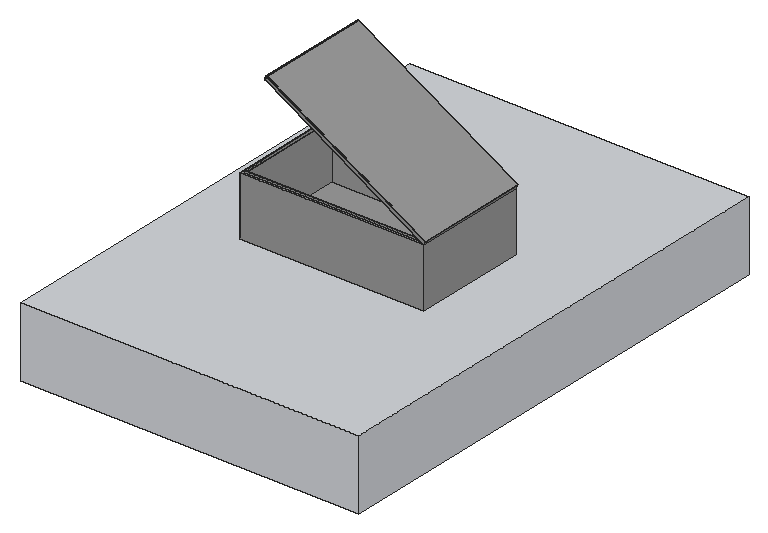
Revit family "Hager-Univers-IP55-D275-H500-Cl.I-Steel_encl-SE-en", category Equipement électrique, Revit 2020
Family settings
  Hôte = Face
  Configuration du panneau = Deux colonnes, circuits au sein
  Cote de connecteur circulaire = Utiliser le diamètre
  Type d'élément = Tableau de raccordement
  Couper avec des vides une fois chargée = Non
  Partagée = Non
  Point de calcul de pièce = Non
Parameters (values of type "Surface mounted (plaster) IP55 W800 H500 D275  - FR33E")
  Width Control [instance] = if([EF000008 - Width] > Min Width, [EF000008 - Width], Min Width)  # 800 mm
  Commentaires du type = [HG000003 - Range]  # "Univers"
  Thickness Door [instance] = if([EF009171 - Material plate thickness door/cover] > 3 mm, 3 mm, [EF009171 - Material plate thickness door/cover])  # 1.5 mm
  Seal Frame Offset [instance] = 17 mm  # constant formula
  Plinth Visibility [instance] = [HG000027 - Plinth height] > 0 mm  # no
  Model = ""
  Min Width [instance] = 100 mm  # constant formula
  Min Height [instance] = 100 mm  # constant formula
  Min Depth [instance] = (2 * [EF009170 - Material plate thickness cabinet]) + 1 mm  # 4 mm
  Internal Frame Depth [instance] = (Door System Depth * 0.5)  # 9 mm
  Height Control [instance] = if([EF000040 - Height] > Min Height, [EF000040 - Height], Min Height)  # 500 mm
  HG000027 - Plinth height = 0 mm
  HG000026 - Floor standing = no
  HG000024 - Bottom section height = 800 mm
  HG000023 - Double section enclosure = no
  HG000016 - Door 3d visibility [instance] = yes
  HG000015 - Clearance visibility [instance] = no
  HG000014 - Door on the right [instance] = yes
  HG000013 - Door on the left [instance] = not([HG000014 - Door on the right])  # no
  HG000012 - Door swing angle [instance] = 30.00°
  HG000010 - Asymmetric doors = no
  HG000009 - Double swing door = no
  HG000006 - Flush mounted = no
  HG000004 - Manufacturer reference = "FR33E"
  HG000003 - Range = "Univers"
  HG000002 - With door or cover = yes
  Frame Offset Bottom [instance] = 10 mm  # constant formula
  Frame Offset [instance] = 15 mm  # constant formula
  EF015940 - Cover with overpressure release = no
  EF011959 - Degree of protection (NEMA) = ""
  EF009554 - Number of openings for flange plates = 6
  EF009212 - Cover model = "EV000116 - Closed"
  EF009171 - Material plate thickness door/cover = 1.5 mm
  EF009170 - Material plate thickness cabinet = 1.5 mm
  Fabricant = "Hager"  # constant formula
  EF008873 - Nominal current (In) = 800 A
  EF007800 - Suitable for lightning protection = no
  EF006306 - With lock = no
  EF006244 - Transparent cover/door = no
  EF005474 - Degree of protection (IP) = "EV006420 - IP55"
  EF004464 - Type of door = "EV002646 - Single"
  EF004427 - Number of modules = 108
  EF004293 - Impact strength = "EV008784 - IK10"
  EF003532 - Suitable for outdoor use = no
  EF002950 - Width in number of modular spacings = 24
  EF001613 - Circuit integrity = "EV000494 - None"
  EF001596 - Material housing = "EV000179 - Steel"
  EF001131 - Internal depth = 275 mm
  EF001088 - Extension possible = yes
  EF000437 - Number of conduit inlets = 6
  EF000339 - Type of cover = "EV004216 - Door"
  EF000266 - Number of rows = 3
  EF000218 - Built-in depth = 0 mm
  EF000118 - With mounting plate = no
  EF000116 - RAL-number = "7035"
  EF000049 - Depth = 275 mm
  EF000040 - Height = 500 mm
  EF000008 - Width = 800 mm
  EF000007 - Colour = "EV000270 - Grey"
  EF000003 - Mounting method = "EV000384 - Surface mounted (plaster)"
  Door System Leaf Tolerance [instance] = 1.5 mm  # constant formula
  Door System Depth [instance] = 18 mm  # constant formula
  Door Height [instance] = Height Control - [HG000027 - Plinth height]  # 500 mm
  Depth Control [instance] = if([EF000049 - Depth] > Min Depth, [EF000049 - Depth], Min Depth)  # 275 mm
  Default Elevation = 0 mm
  Connector Offset [instance] = Height Control / 2  # 250 mm
  Bottom Top Plate Trim [instance] = 1.5 mm  # constant formula
  Plinth height Ctrl [instance] = if([HG000027 - Plinth height] > 0 mm, [HG000027 - Plinth height], 12 mm)  # 12 mm
Types (5, lengths in mm): name | Width Control | HG000010 - Asymmetric doors | HG000009 - Double swing door | HG000004 - Manufacturer reference | EF009554 - Number of openings for flange plates | EF004464 - Type of door | EF004427 - Number of modules | EF000437 - Number of conduit inlets | EF000008 - Width
  Surface mounted (plaster) IP55 W1050 H500 D275  - FR34E | 1050 | no | yes | "FR34E" | 8 | "EV003602 - Double" | 144 | 8 | 1050
  Surface mounted (plaster) IP55 W1300 H500 D275  - FR35E | 1300 | yes | yes | "FR35E" | 10 | "EV003602 - Double" | 180 | 10 | 1300
  Surface mounted (plaster) IP55 W300 H500 D275  - FR31E | 300 | no | no | "FR31E" | 2 | "EV002646 - Single" | 36 | 2 | 300
  Surface mounted (plaster) IP55 W550 H500 D275  - FR32E | 550 | no | no | "FR32E" | 4 | "EV002646 - Single" | 72 | 4 | 550
  Surface mounted (plaster) IP55 W800 H500 D275  - FR33E | 800 | no | no | "FR33E" | 6 | "EV002646 - Single" | 108 | 6 | 800
Reference planes
  plane 1 "Center (Front/Back)": y = 0
  plane 2: z = 0
  plane 3 "Center (Left/Right)": x = 0
  plane 4: z = 275
  plane 5: y = 1.5
  plane 6: y = 250
  plane 7: y = 0
  plane 8: y = 500
  plane 9: z = 0
  plane 10: x = -385
  plane 11: x = 385
  plane 12: x = 383.5
  plane 13: x = -383.5
  plane 14: y = 498.5
  plane 15: x = -383
  plane 16: x = -400
  plane 17: x = 383
  plane 18: x = 400
  plane 19: x = 398.5
  plane 20: x = -398.5
  plane 21: y = 11.5
  plane 22: y = 500
  plane 23: y = 483.5
  plane 24: z = 257
  plane 25: z = 1.5
  plane 26: z = 255.5
  plane 27: z = 273.5
Forms (mm)
  Extrusion 1, solid
    sketch origin (0, 0, 0) x (1, 0, 0) y (0, 1, 0)
      loop
        line (-702.964, 1305) -> (-702.964, -811.445) -> (766.763, -811.445) -> (766.763, 1305) -> (-702.964, 1305)
    from 0 to -304.8
  Extrusion 2, solid, material "Hager_Steel_RAL7035_Light_Grey", visible <- "Plinth Visibility", detail levels medium+fine
    sketch origin (0, 0, 0) x (1, 0, 0) y (0, 1, 0)
      loop
        line (-400, 0) -> (400, 0) -> (400, 12) -> (-400, 12) -> (-400, 0)
    from 0 to 257
  Extrusion 3, solid, material "Hager_Steel_RAL7035_Light_Grey", detail levels medium+fine
    sketch origin (0, 0, 0) x (1, 0, 0) y (0, 1, 0)
      loop
        line (-400, 0) -> (400, 0) -> (400, 500) -> (-400, 500) -> (-400, 0)
    from 0 to 257
  Extrusion 4, void
    sketch origin (0, 0, 0) x (1, 0, 0) y (0, 1, 0)
      loop
        line (-398.5, 1.5) -> (398.5, 1.5) -> (398.5, 498.5) -> (-398.5, 498.5) -> (-398.5, 1.5)
    from 1.5 to 255.5
  Extrusion 5, void
    sketch origin (-381.607, -4572, 257) x (0, -1, 0) y (-1, 0, 0)
      loop
        line (-4583.5, 1.893) -> (-5055.5, 1.893) -> (-5055.5, -765.107) -> (-4583.5, -765.107) -> (-4583.5, 1.893)
    from 0 to 1.5 <- "EF009170 - Material plate thickness cabinet"
  Extrusion 6, solid, material "Hager_Steel_RAL7035_Light_Grey", detail levels fine
    sketch origin (0, 0, 257) x (1, 0, 0) y (0, 1, 0)
      loop
        line (-383.5, 483.5) -> (-383.5, 11.5) -> (383.5, 11.5) -> (383.5, 483.5) -> (-383.5, 483.5)
      loop
        line (-385, 10) -> (385, 10) -> (385, 485) -> (-385, 485) -> (-385, 10)
    from 0 to 9 <- "Internal Frame Depth"
  Extrusion 7, solid, material "Hager_Steel_RAL7035_Light_Grey", detail levels coarse
    sketch origin (0, 0, 0) x (1, 0, 0) y (0, 1, 0)
      loop
        line (-400, 0) -> (400, 0) -> (400, 500) -> (-400, 500) -> (-400, 0)
    from 0 to 275
  Sweep 8, void
    path in 3D
      loop
        line (-400, 12, 0) -> (400, 12, 0) -> (400, 12, 257) -> (-400, 12, 257) -> (-400, 12, 0)
    profile origin (-400, 12, 128.5) x (-1, 0, 0) y (0, -1, 0)
      loop
        line (0, 0) -> (0, 1.5) -> (-1.5, 1.5)
        arc (-1.5, 1.5) -> (-1.061, 0.439) -> (0, 0) r 1.5
Cuts and joins
  Extrusion 4, Extrusion 5 cuts Extrusion 3
  Sweep 8 cuts Extrusion 2
Lines and regions (mm)
  Masking region 1
    outline origin (0, 0, 0) x (1, 0, 0) y (0, 0, 1)
      loop
        line (-400, 275) -> (-400, 0) -> (400, 0) -> (400, 275) -> (-400, 275)
  Masking region 2, detail levels medium+fine
    outline origin (0, 140, 0) x (0, 1, 0) y (0, 0, 1)
      loop
        line (-140, 0) -> (360, 0) -> (360, 257) -> (-140, 257) -> (-140, 0)
  Masking region 3, not visible, detail levels medium+fine
    outline origin (0, 297.922, 0) x (0, 1, 0) y (0, 0, 1)
      loop
        line (-36.422, 0) -> (3.578, 0) -> (3.578, 263.5)
        arc (3.578, 263.5) -> (0.649, 270.571) -> (-6.422, 273.5) r 10
        line (-6.422, 273.5) -> (-36.422, 273.5) -> (-36.422, 0)
  Masking region 4, detail levels coarse
    outline origin (0, 0, 180) x (0, 1, 0) y (0, 0, 1)
      loop
        line (0, -180) -> (500, -180) -> (500, 95) -> (0, 95) -> (0, -180)
  Masking region 5, visible <- "Plinth Visibility", detail levels medium+fine
    outline origin (0, 52.24, 12.345) x (0, 0, -1) y (0, 1, 0)
      loop
        line (10.845, -40.24) -> (-243.155, -40.24)
        arc (-243.155, -40.24) -> (-243.594, -41.301) -> (-244.655, -41.74) r 1.5
        line (-244.655, -41.74) -> (-244.655, -52.24) -> (12.345, -52.24) -> (12.345, -41.74)
        arc (12.345, -41.74) -> (11.285, -41.301) -> (10.845, -40.24) r 1.5
  Masking region 6, detail levels medium+fine
    outline origin (-381.607, -4572, 257) x (-1, 0, 0) y (0, -1, 0)
      loop
        line (18.393, -5072) -> (18.393, -4572) -> (-781.607, -4572) -> (-781.607, -5072) -> (18.393, -5072)
  Masking region 7, visible <- "Plinth Visibility", detail levels medium+fine
    outline origin (-381.607, -4727, 257) x (-1, 0, 0) y (0, -1, 0)
      loop
        arc (16.893, -4739) -> (17.332, -4737.939) -> (18.393, -4737.5) r 1.5
        line (18.393, -4737.5) -> (18.393, -4727) -> (-781.607, -4727) -> (-781.607, -4737.5)
        arc (-781.607, -4737.5) -> (-780.546, -4737.939) -> (-780.107, -4739) r 1.5
        line (-780.107, -4739) -> (16.893, -4739)
  Masking region 8, detail levels coarse
    outline origin (-442.548, -4669.526, 257) x (-1, 0, 0) y (0, -1, 0)
      loop
        line (-42.548, -5169.526) -> (-42.548, -4669.526) -> (-842.548, -4669.526) -> (-842.548, -5169.526) -> (-42.548, -5169.526)
  sketch lines
    curve 1: line (-400, 12, 257) -> (-400, 12, 0)
    curve 2: line (400, 12, 257) -> (-400, 12, 257)
    curve 3: line (400, 12, 257) -> (400, 12, 0)
    curve 4: line (-400, 12, 0) -> (400, 12, 0)
Dimensions and locks
  "Depth Control": plane 4 to Extrusion 1
  "HG000027 - Plinth height": plane 1 "Center (Front/Back)" to plane 7
  "EF009170 - Material plate thickness cabinet": plane 5 to plane 7
  locked: connector elem to plane 3 "Center (Left/Right)"
  equal spacing: plane 8, plane 6, plane 7
  locked: connector elem to plane 6
  "EF009170 - Material plate thickness cabinet": plane 8 to plane 14
  "EF009170 - Material plate thickness cabinet": plane 10 to plane 13
  "EF009170 - Material plate thickness cabinet": plane 12 to plane 11
  "Frame Offset": plane 20 to plane 13
  "Frame Offset": plane 12 to plane 19
  "EF009170 - Material plate thickness cabinet": plane 16 to plane 20
  "EF009170 - Material plate thickness cabinet": plane 19 to plane 18
  "Seal Frame Offset": plane 16 to plane 15
  "Seal Frame Offset": plane 17 to plane 18
  "Frame Offset Bottom": plane 21 to plane 5
  "Frame Offset": plane 14 to plane 23
  equal spacing: plane 16, plane 3 "Center (Left/Right)", plane 18
  "Width Control": plane 16 to plane 18
  "EF009170 - Material plate thickness cabinet": plane 4 to plane 27
  "EF009170 - Material plate thickness cabinet": plane 24 to plane 26
  "EF009170 - Material plate thickness cabinet": plane 25 to level
  "Door System Depth": plane 4 to plane 24
  "Height Control": plane 1 "Center (Front/Back)" to Extrusion 7 sketch curve
  "Height Control": Masking region 4 sketch curve to plane 1 "Center (Front/Back)"
  "Height Control": plane 1 "Center (Front/Back)" to plane 22
  "Bottom Top Plate Trim": profile plane to Sweep 8 sketch curve
  "Bottom Top Plate Trim": Sweep 8 sketch curve to profile plane
  "Plinth height Ctrl": plane 1 "Center (Front/Back)" to Extrusion 2 sketch curve
  "Plinth height Ctrl": Masking region 5 sketch curve to plane 1 "Center (Front/Back)"
  "Plinth height Ctrl": plane 1 "Center (Front/Back)" to Masking region 7 sketch curve
  "Thickness Door": Extrusion 6 sketch curve to Extrusion 6 sketch curve  (x3)
  "Thickness Door": cut or joined group of Extrusion 3, Extrusion 4, Extrusion 5 to Extrusion 6 sketch curve
  radius of Masking region 3 sketch curve = 10 mm
  "Bottom Top Plate Trim": radius of Masking region 5 sketch curve  (x2)
  "Bottom Top Plate Trim": radius of Sweep 8 sketch curve
  "Bottom Top Plate Trim": radius of Masking region 7 sketch curve  (x2)
  aligned and locked: plane 2 to Extrusion 1
  aligned and locked: level to Extrusion 1
  aligned and locked: level to Masking region 1 sketch curve
  aligned and locked: Masking region 1 sketch curve to plane 18
  aligned and locked: Masking region 1 sketch curve to plane 16
  aligned and locked: plane 7 to Masking region 2 sketch curve
  aligned and locked: level to Masking region 3 sketch curve
  aligned and locked: Masking region 3 sketch curve to plane 27
  aligned and locked: level to Masking region 2 sketch curve
  aligned and locked: plane 1 "Center (Front/Back)" to Extrusion 2 sketch curve
  aligned and locked: Extrusion 3 sketch curve to plane 7
  aligned and locked: plane 16 to Extrusion 3 sketch curve
  aligned and locked: plane 18 to Extrusion 3 sketch curve
  aligned and locked: plane 20 to Extrusion 4 sketch curve
  aligned and locked: plane 19 to Extrusion 4 sketch curve
  aligned and locked: Extrusion 4 sketch curve to plane 5
  aligned and locked: Extrusion 4 to plane 25
  aligned and locked: plane 26 to Extrusion 4
  aligned and locked: plane 24 to Extrusion 3
  aligned and locked: Extrusion 5 sketch curve to plane 21
  aligned and locked: Extrusion 5 sketch curve to plane 13
  aligned and locked: Extrusion 5 sketch curve to plane 12
  aligned and locked: plane 18 to Extrusion 7 sketch curve
  aligned and locked: plane 1 "Center (Front/Back)" to Extrusion 7 sketch curve
  aligned and locked: plane 16 to Extrusion 7 sketch curve
  aligned and locked: plane 4 to Extrusion 7
  aligned and locked: Extrusion 7 to level
  aligned and locked: level to Masking region 4 sketch curve
  aligned and locked: Masking region 4 sketch curve to plane 1 "Center (Front/Back)"
  aligned and locked: Masking region 4 sketch curve to plane 4
  aligned and locked: nested 1 to level
  aligned and locked: nested 1 to plane 16
  aligned and locked: plane 8 to Extrusion 3 sketch curve
  aligned and locked: plane 23 to Extrusion 5 sketch curve
  aligned and locked: plane 14 to Extrusion 4 sketch curve
  aligned and locked: Masking region 2 sketch curve to plane 8
  aligned and locked: level to Masking region 5 sketch curve
  aligned and locked: plane 16 to Extrusion 2 sketch curve
  aligned and locked: plane 18 to Extrusion 2 sketch curve
  aligned and locked: Masking region 5 sketch curve to plane 24
  aligned and locked: Masking region 2 sketch curve to plane 24
  aligned and locked: plane 24 to Extrusion 2
  aligned and locked: profile plane to Sweep 8 sketch curve  (x2)
  aligned and locked: Masking region 6 sketch curve to plane 18
  aligned and locked: Masking region 6 sketch curve to plane 22
  aligned and locked: Masking region 6 sketch curve to plane 16
  aligned and locked: plane 8 to plane 22
  aligned and locked: Masking region 6 sketch curve to plane 7
  aligned and locked: Masking region 7 sketch curve to plane 16
  aligned and locked: Masking region 7 sketch curve to plane 1 "Center (Front/Back)"
  aligned and locked: Masking region 7 sketch curve to plane 18
  aligned and locked: Masking region 8 sketch curve to plane 1 "Center (Front/Back)"
  aligned and locked: Masking region 8 sketch curve to plane 18
  aligned and locked: Masking region 8 sketch curve to plane 22
  aligned and locked: Masking region 8 sketch curve to plane 16
  aligned and locked: nested 2 to plane 7
  aligned and locked: plane 3 "Center (Left/Right)" to nested 2
  aligned and locked: nested 2 to plane 24
  aligned and locked: Extrusion 6 sketch curve to cut or joined group of Extrusion 3, Extrusion 4, Extrusion 5  (x4)
Automatic sketch dimensions
  Extrusion 1 sketch curve to Extrusion 1 sketch curve = 1469.727 mm
  Extrusion 1 sketch curve to Extrusion 1 sketch curve = 2116.445 mm
  Masking region 1 sketch curve to plane 4 = 0 mm
  plane 6 to Masking region 3 sketch curve = 11.5 mm
  Masking region 3 sketch curve to Masking region 3 sketch curve = 30 mm
  Masking region 5 sketch curve to plane 1 "Center (Front/Back)" = 0 mm
Nested families
  nested 1: "Hager_Enclosure_Symbol" at (-400, 0, 0) x (1, 0, 0) z (0, -1, 0), Height <- "Depth Control", Width <- "Width Control", type "Hager_Enclosure_Symbol"
    with Width_Ctrl 800 mm, Width 800 mm, Height_Ctrl 275 mm, Height 275 mm, A_Width_Int 18.047 mm, A_Width 216.562 mm, A_Height_Ctrl 240.625 mm, A_Height 240.625 mm
  nested 2: "EC000058_Univers_Door" at (0, 0, 257) x (1, 0, 0) z (0, 1, 0), Leaf_Tolerance <- "Door System Leaf Tolerance", Angle <- "HG000012 - Door swing angle", Door_Depth <- "Door System Depth", Door_Left <- "HG000013 - Door on the left", Transparent <- "EF006244 - Transparent cover/door", Assymetrical <- "HG000010 - Asymmetric doors", Width <- "Width Control", Clearance <- "HG000015 - Clearance visibility", Double <- "HG000009 - Double swing door", 3d_Door <- "HG000016 - Door 3d visibility", Lock_Visibility <- "EF006306 - With lock", Width_Ctrl <- "Width Control", Door_Right <- "HG000014 - Door on the right", Door <- "HG000002 - With door or cover", Height <- "Door Height", Thickness <- "Thickness Door", type "EC000058_Univers_Door", detail levels medium+fine
    with min_wh 4 mm, Width_Ctrl 800 mm, Width 800 mm, Transparent no, Thickness 1.5 mm, Seal_Material Hager_Rubber, Lock_Visibility no, Lock_Material Hager_Plastic_RAL9005_Jet_Black, Leaf_Width 800 mm, Leaf_Tolerance_External_Sides 0 mm, Leaf_Tolerance 1.5 mm, Leaf_Offset 0 mm, Leaf_Height 497 mm, Leaf_2_Width 800 mm, Leaf_2_Offset 400 mm, Leaf_1_Width 800 mm, Leaf_1_Offset 400 mm, Height_Ctrl 500 mm, Height 500 mm, Glass_Material Hager_Glass, Double_Clearance_Ctrl no, Double no, Door_Right_Ctrl yes, Door_Right yes, Door_Material Hager_Steel_RAL7035_Light_Grey, Door_Left_Ctrl no, Door_Left no, Door_Depth 18 mm, Door yes, Clearance_Material Hager_Clearance, Clearance_Depth 800 mm, Clearance_Ctrl no, Clearance no, Assymetrical no, Angle 30.00°, 3d_Door yes
Connectors
  electrical at (0, 250, 0)
    settings: on plane 9, index 1, voltage 0 V, apparent load 0 VA, apparent load phase1 0 VA, apparent load phase2 0 VA, apparent load phase3 0 VA, power factor 1, load classification "Other", number of poles 1, system type 30, power factor state 1, is connector primary yes, connector utility no, sub classification motor no, connector description ""
Definition of nested family "EC000058_Univers_Door"
  Parameters (values of type "EC000058_Univers_Door")
    min_wh [instance] = (2 * Thickness) + 1 mm  # 11 mm
    Width_Ctrl [instance] = 400 mm
    Width [instance] = 500 mm
    Transparent [instance] = yes
    Thickness [instance] = 5 mm
    Seal_Material [instance] = none
    Lock_Visibility [instance] = yes
    Lock_Material [instance] = none
    Leaf_Width [instance] = if((Width_Ctrl - 2 * Leaf_Tolerance_External_Sides) > 0 mm, (Width_Ctrl - 2 * Leaf_Tolerance_External_Sides), min_wh)  # 400 mm
    Leaf_Tolerance_External_Sides [instance] = 0 mm  # constant formula
    Leaf_Tolerance [instance] = 1.5 mm
    Leaf_Offset [instance] = 0 mm  # constant formula
    Leaf_Height [instance] = if((Height_Ctrl - 2 * Leaf_Tolerance) > 0 mm, (Height_Ctrl - 2 * Leaf_Tolerance), min_wh)  # 497 mm
    Leaf_2_Width [instance] = if(and(and(Double, Assymetrical), Door_Left), (Leaf_Width / 3) - (Leaf_Tolerance / 2), if(and(and(Double, Assymetrical), Door_Right), (Leaf_Width / 3) * 2 - (Leaf_Tolerance / 2), if(and(Double, not(Assymetrical)), (Leaf_Width / 2) - Leaf_Tolerance, Leaf_Width)))  # 400 mm
    Leaf_2_Offset [instance] = if(and(Double, Assymetrical), Leaf_2_Width / 2, if(and(Double, not(Assymetrical)), Leaf_Width / 4, Leaf_Width / 2))  # 200 mm
    Leaf_1_Width [instance] = if(and(and(Double, Assymetrical), Door_Right), (Leaf_Width / 3) - (Leaf_Tolerance / 2), if(and(and(Double, Assymetrical), Door_Left), (Width / 3) * 2 - (Leaf_Tolerance / 2), if(and(Double, not(Assymetrical)), (Leaf_Width / 2) - Leaf_Tolerance, Leaf_Width)))  # 400 mm
    Leaf_1_Offset [instance] = if(and(Double, Assymetrical), Leaf_1_Width / 2, if(and(Double, not(Assymetrical)), Leaf_Width / 4, Leaf_Width / 2))  # 200 mm
    Height_Ctrl [instance] = if(Height > min_wh, Height, min_wh)  # 500 mm
    Height [instance] = 500 mm
    Glass_Material [instance] = none
    Double_Clearance_Ctrl [instance] = and(Double, Clearance)  # no
    Double [instance] = no
    Door_Right_Ctrl [instance] = and(or(Door_Right, Double), Door)  # yes
    Door_Right [instance] = yes
    Door_Material [instance] = none
    Door_Left_Ctrl [instance] = and(or(Door_Left, Double), Door)  # no
    Door_Left [instance] = no
    Door_Depth [instance] = 30 mm
    Door [instance] = yes
    Default Elevation = 1219.2 mm
    Clearance_Material [instance] = none
    Clearance_Depth [instance] = if(Leaf_1_Width > Leaf_2_Width, Leaf_1_Width, Leaf_2_Width)  # 400 mm
    Clearance_Ctrl [instance] = and(not(Double), Clearance)  # yes
    Clearance [instance] = yes
    Assymetrical [instance] = yes
    Angle [instance] = 30.00°
    3d_Door [instance] = yes
  Reference planes
    plane 1 "Center (Front/Back)": y = 0
    plane 2 "Bottom": z = 0
    plane 3 "Center (Left/Right)": x = 0
    plane 4: z = 500
    plane 5: x = -200
    plane 6: x = 200
    plane 7: z = 500
    plane 8: x = -200
    plane 9: z = 0
    plane 10: x = 200
    plane 11: y = 0
    plane 12: z = 1.5
    plane 13: x = -600
    plane 14: y = -400
    plane 15: x = 600
    plane 16: x = 0
    plane 17: x = 0
    plane 18: x = -200
    plane 19: x = 200
    plane 20: z = 498.5
  Forms (mm)
    Extrusion 1, solid, material <- "Clearance_Material", visible <- "Double_Clearance_Ctrl"
      sketch origin (1200, 0, 0) x (1, 0, 0) y (0, 0, -1)
        loop
          line (-1800, -498.5) -> (-600, -498.5) -> (-600, 0) -> (-1800, 0) -> (-1800, -498.5)
      from 0 to -400
  Dimensions and locks
    equal spacing: plane 5, plane 3 "Center (Left/Right)", plane 6
    "Width_Ctrl": plane 5 to plane 6
    "Leaf_Offset": plane 5 to plane 8
    "Leaf_Offset": plane 6 to plane 10
    "Leaf_Offset": plane 9 to level
    "Leaf_Offset": plane 4 to plane 7
    "Height_Ctrl": plane 4 to level
    "Leaf_Tolerance": plane 12 to plane 9
    locked: plane 11 to plane 1 "Center (Front/Back)"
    "Leaf_1_Offset": plane 18 to plane 16
    "Leaf_2_Offset": plane 17 to plane 19
    "Leaf_1_Width": plane 13 to plane 8
    "Leaf_2_Width": plane 10 to plane 15
    "Clearance_Depth": plane 14 to plane 1 "Center (Front/Back)"
    "Leaf_Tolerance_External_Sides": plane 8 to plane 18
    "Leaf_Tolerance_External_Sides": plane 19 to plane 10
    "Leaf_Tolerance": plane 7 to plane 20
    aligned and locked: level to plane 2 "Bottom"
    aligned and locked: nested 1 to plane 16
    aligned and locked: nested 2 to plane 17
    aligned and locked: Extrusion 1 to plane 13
    aligned and locked: plane 15 to Extrusion 1
    aligned and locked: Extrusion 1 to plane 14
    aligned and locked: plane 12 to nested 1
    aligned and locked: nested 2 to plane 12
    aligned and locked: Extrusion 1 to plane 11
    aligned and locked: plane 20 to Extrusion 1
    aligned and locked: nested 2 to plane 11
    aligned and locked: nested 1 to plane 11
  Automatic sketch dimensions
    Extrusion 1 sketch curve to level = 0 mm
    plane 5 to Extrusion 1 sketch curve = 400 mm
    plane 6 to Extrusion 1 sketch curve = 400 mm
    Extrusion 1 sketch curve to plane 4 = 1.5 mm
  Nested families
    nested 1: "EC000058_Univers_Door_Leaf" at (0, 0, 1.5), Width <- "Leaf_1_Width", visible <- "Door_Left_Ctrl", Leaf_Height <- "Leaf_Height", Angle <- "Angle", 3d_Door <- "3d_Door", Transparent <- "Transparent", Clearance Material <- "Clearance_Material", Clearance <- "Clearance_Ctrl", Door_Material <- "Door_Material", Glass_Material <- "Glass_Material", Door_Depth <- "Door_Depth", Lock_Material <- "Lock_Material", Seal_Material <- "Seal_Material", Lock_Visibility <- "Lock_Visibility", Thickness <- "Thickness", type "EC000058_Univers_Door_Leaf"
      with Width 400 mm, Transparent_Glass_Offset 30 mm, Transparent_Ctrl yes, Transparent yes, Thickness 5 mm, Standard no, Seal_Material none, Seal_D2 8 mm, Seal_D1 1 mm, Offset_Internal_Frame 10 mm, Lock_Width 20 mm, Lock_Visibility_3d yes, Lock_Visibility yes, Lock_Thickness_3 3 mm, Lock_Thickness_2 1 mm, Lock_Thickness_1 3 mm, Lock_Radius_Offset_2 16 mm, Lock_Radius_Offset_1 15 mm, Lock_Radius_2 5 mm, Lock_Radius 6 mm, Lock_Offset 5 mm, Lock_Material none, Lock_Height 80 mm, Lock_Cover_Top_Offset_2d 17 mm, Lock_Cover_Height -65 mm, Leaf_Height 497 mm, Internal_Seal_Thickness 8 mm, Internal_Seal_Depth_2 4.5 mm, Internal_Frame_Depth 25 mm, Glass_Thickness -1 mm, Glass_Offset -2 mm, Glass_Material none, Door_Material none, Door_Depth 30 mm, Clearance Material none, Clearance yes, Angle_Ctrl 30.00°, Angle 30.00°, 3d_Door yes
    nested 2: "EC000058_Univers_Door_Leaf" at (0, 0, 1.5) x (-1, 0, 0) z (0, 0, 1), Width <- "Leaf_2_Width", visible <- "Door_Right_Ctrl", Leaf_Height <- "Leaf_Height", Angle <- "Angle", 3d_Door <- "3d_Door", Transparent <- "Transparent", Clearance Material <- "Clearance_Material", Clearance <- "Clearance_Ctrl", Door_Material <- "Door_Material", Glass_Material <- "Glass_Material", Door_Depth <- "Door_Depth", Lock_Material <- "Lock_Material", Seal_Material <- "Seal_Material", Lock_Visibility <- "Lock_Visibility", Thickness <- "Thickness", type "EC000058_Univers_Door_Leaf"
      with Width 400 mm, Transparent_Glass_Offset 30 mm, Transparent_Ctrl yes, Transparent yes, Thickness 5 mm, Standard no, Seal_Material none, Seal_D2 8 mm, Seal_D1 1 mm, Offset_Internal_Frame 10 mm, Lock_Width 20 mm, Lock_Visibility_3d yes, Lock_Visibility yes, Lock_Thickness_3 3 mm, Lock_Thickness_2 1 mm, Lock_Thickness_1 3 mm, Lock_Radius_Offset_2 16 mm, Lock_Radius_Offset_1 15 mm, Lock_Radius_2 5 mm, Lock_Radius 6 mm, Lock_Offset 5 mm, Lock_Material none, Lock_Height 80 mm, Lock_Cover_Top_Offset_2d 17 mm, Lock_Cover_Height -65 mm, Leaf_Height 497 mm, Internal_Seal_Thickness 8 mm, Internal_Seal_Depth_2 4.5 mm, Internal_Frame_Depth 25 mm, Glass_Thickness -1 mm, Glass_Offset -2 mm, Glass_Material none, Door_Material none, Door_Depth 30 mm, Clearance Material none, Clearance yes, Angle_Ctrl 30.00°, Angle 30.00°, 3d_Door yes
  Definition of nested family "EC000058_Univers_Door_Leaf"
    Parameters (values of type "EC000058_Univers_Door_Leaf")
      Width [instance] = 2000 mm
      Transparent_Glass_Offset [instance] = 30 mm
      Transparent_Ctrl [instance] = and(Transparent, [3d_Door])  # yes
      Transparent [instance] = yes
      Thickness [instance] = 5 mm
      Standard [instance] = and(not(Transparent), [3d_Door])  # no
      Seal_Material [instance] = none
      Seal_D2 [instance] = 8 mm  # constant formula
      Seal_D1 [instance] = 1 mm  # constant formula
      Offset_Internal_Frame [instance] = 10 mm  # constant formula
      Lock_Width [instance] = 20 mm  # constant formula
      Lock_Visibility_3d [instance] = and(Lock_Visibility, [3d_Door])  # yes
      Lock_Visibility [instance] = yes
      Lock_Thickness_3 [instance] = 3 mm  # constant formula
      Lock_Thickness_2 [instance] = 1 mm  # constant formula
      Lock_Thickness_1 [instance] = 3 mm  # constant formula
      Lock_Radius_Offset_2 [instance] = Lock_Radius_Offset_1 + 1 mm  # 16 mm
      Lock_Radius_Offset_1 [instance] = 15 mm  # constant formula
      Lock_Radius_2 [instance] = Lock_Radius - 1 mm  # 5 mm
      Lock_Radius [instance] = 6 mm  # constant formula
      Lock_Offset [instance] = 5 mm  # constant formula
      Lock_Material [instance] = none
      Lock_Height [instance] = 80 mm  # constant formula
      Lock_Cover_Top_Offset_2d [instance] = Lock_Radius_Offset_2 + 1 mm  # 17 mm
      Lock_Cover_Height [instance] = -(Lock_Height - Lock_Radius_Offset_1)  # -65 mm
      Leaf_Height [instance] = 2720.336 mm
      Internal_Seal_Thickness [instance] = 8 mm  # constant formula
      Internal_Seal_Depth_2 [instance] = 4.5 mm  # constant formula
      Internal_Frame_Depth [instance] = if(Door_Depth - Thickness > 5 mm, Door_Depth - Thickness, 5 mm)  # 25 mm
      Glass_Thickness [instance] = if(Thickness > 15 mm, Glass_Offset + 10 mm, -1 mm)  # -1 mm
      Glass_Offset [instance] = if(Thickness > 15 mm, -(Thickness + 10 mm) / 2, -2 mm)  # -2 mm
      Glass_Material [instance] = none
      Door_Material [instance] = none
      Door_Depth [instance] = 30 mm
      Default Elevation = 0 mm
      Clearance Material [instance] = none
      Clearance [instance] = yes
      Angle_Ctrl [instance] = if(Angle > 180.00°, 180.00°, Angle)  # 90.00°
      Angle [instance] = 90.00°
      3d_Door [instance] = yes
    Reference planes
      plane 1 "Center (Front/Back)": y = 0
      plane 2: z = 0
      plane 3 "Center (Left/Right)": x = 0
      plane 4: y = 2000
      plane 5: x = -1000
      plane 6: x = 1000
      plane 7: x = -3000
      plane 8: z = 2720.336
      plane 9: z = 30
      plane 10: z = 2690.336
      plane 11: x = 970
      plane 12: x = -970
      plane 13: y = -3
      plane 14: z = 107.833
      plane 15: y = -5
      plane 16: y = -223.314
      plane 17: x = -1000
      plane 18: z = 1360.168
      plane 19: y = 30
    Forms (mm)
      Extrusion 1, solid, material <- "Clearance Material", visible <- "Clearance"
        sketch origin (0, 0, 0) x (1, 0, 0) y (0, 0, 1)
          loop
            line (-3000, 2720.336) -> (-3000, 0) -> (1000, 0) -> (1000, 2720.336) -> (-3000, 2720.336)
        from 0 to -2000
      Extrusion 2, solid, material <- "Door_Material", visible <- "Standard", detail levels medium+fine
        sketch origin (-1000, 0, 0) x (0, 1, 0) y (-1, 0, 0)
          loop
            line (0, 30) -> (0, 25) -> (2000, 25) -> (2000, 30) -> (0, 30)
        from 0 to 2720.336 <- "Leaf_Height"
      Extrusion 3, solid, material <- "Door_Material", visible <- "Transparent_Ctrl", detail levels medium+fine
        sketch origin (-1000, 0, 0) x (0, 1, 0) y (-1, 0, 0)
          loop
            line (0, 25) -> (2000, 25) -> (2000, 30) -> (0, 30) -> (0, 25)
        from 0 to 2720.336 <- "Leaf_Height"
      Extrusion 4, void
        sketch origin (-1025, 2000, 0) x (0, 1, 0) y (0, 0, -1)
          loop
            line (-30, -2690.336) -> (-30, -30) -> (-1970, -30) -> (-1970, -2690.336) -> (-30, -2690.336)
        from 0 to 5 <- "Thickness"
      Sweep 5, solid, material <- "Seal_Material", visible <- "Transparent_Ctrl", detail levels fine
        path in 3D
          loop
            line (-1025, 30, 30) -> (-1025, 30, 2690.336) -> (-1025, 1970, 2690.336) -> (-1025, 1970, 30) -> (-1025, 30, 30)
        profile origin (-1025, 1000, 30) x (1, 0, 0) y (0, 0, 1)
          loop
            line (0, 0) -> (0, -8) -> (1, -8) -> (1, 0) -> (0, 0)
      Extrusion 6, solid, material <- "Glass_Material", visible <- "Transparent_Ctrl", detail levels medium+fine
        sketch origin (-1030, 0, 0) x (0, 1, 0) y (0, 0, -1)
          loop
            line (1970, -2690.336) -> (1970, -30) -> (30, -30) -> (30, -2690.336) -> (1970, -2690.336)
        from -2 <- "Glass_Offset" to -1 <- "Glass_Thickness"
      Extrusion 7, solid, material <- "Door_Material", visible <- "3d_Door", detail levels medium+fine
        sketch origin (-1025, 2000, 0) x (0, -1, 0) y (0, 0, -1)
          loop
            line (0, -2720.336) -> (2000, -2720.336) -> (2000, 0) -> (0, 0) -> (0, -2720.336)
          loop
            line (1995, -5) -> (5, -5) -> (5, -2715.336) -> (1995, -2715.336) -> (1995, -5)
        from 0 to 25 <- "Internal_Frame_Depth"
      Sweep 8, solid, material <- "Seal_Material", visible <- "Transparent_Ctrl", detail levels fine
        path in 3D
          loop
            line (-1025, 0, 0) -> (-1025, 2000, 0) -> (-1025, 2000, 2720.336) -> (-1025, 0, 2720.336) -> (-1025, 0, 0)
        profile origin (-1025, 0, 1360.168) x (1, 0, 0) y (0, 1, 0)
          loop
            line (0, 10) -> (2.975, 10)
            arc (2.975, 10) -> (4.053, 10.447) -> (4.5, 11.525) r 1.525
            line (4.5, 11.525) -> (4.5, 16.527)
            arc (4.5, 16.527) -> (4.069, 17.569) -> (3.027, 18) r 1.473
            line (3.027, 18) -> (0, 18) -> (0, 10)
      Extrusion 9, solid, material <- "Lock_Material", visible <- "Lock_Visibility_3d", detail levels fine
        sketch origin (-1030, 0, 0) x (0, 1, 0) y (0, 0, -1)
          loop
            arc (1993.5, -1400.168) -> (1994.561, -1399.729) -> (1995, -1398.668) r 1.5
            line (1995, -1398.668) -> (1995, -1320.168) -> (1975, -1320.168) -> (1975, -1398.668)
            arc (1975, -1398.668) -> (1975.439, -1399.729) -> (1976.5, -1400.168) r 1.5
            line (1976.5, -1400.168) -> (1993.5, -1400.168)
        from 3 <- "Lock_Thickness_1" to 0
      Blend 10, solid, material <- "Lock_Material", visible <- "Lock_Visibility_3d", detail levels fine
        base sketch origin (-1033, 0, 0) x (0, 1, 0) y (0, 0, -1)
          loop
            line (1975, -1320.168) -> (1975, -1398.668)
            arc (1975, -1398.668) -> (1975.439, -1399.729) -> (1976.5, -1400.168) r 1.5
            line (1976.5, -1400.168) -> (1993.5, -1400.168)
            arc (1993.5, -1400.168) -> (1994.561, -1399.729) -> (1995, -1398.668) r 1.5
            line (1995, -1398.668) -> (1995, -1320.168) -> (1975, -1320.168)
        top sketch origin (-1033, 0, 0) x (0, 1, 0) y (0, 0, -1)
          loop
            line (1976, -1320.168) -> (1976, -1398.668)
            arc (1976, -1398.668) -> (1976.146, -1399.022) -> (1976.5, -1399.168) r 0.5
            line (1976.5, -1399.168) -> (1993.5, -1399.168)
            arc (1993.5, -1399.168) -> (1993.854, -1399.022) -> (1994, -1398.668) r 0.5
            line (1994, -1398.668) -> (1994, -1320.168) -> (1976, -1320.168)
        from 0 to 1 <- "Lock_Thickness_2"
      Blend 11, solid, material <- "Lock_Material", visible <- "Lock_Visibility_3d", detail levels fine
        base sketch origin (-1034, 0, 0) x (0, 1, 0) y (0, 0, -1)
          loop
            line (1978, -1320.168) -> (1978, -1384.168)
            arc (1978, -1384.168) -> (1985, -1391.168) -> (1992, -1384.168) r 7
            line (1992, -1384.168) -> (1992, -1320.168) -> (1978, -1320.168)
        top sketch origin (-1034, 0, 0) x (0, 1, 0) y (0, 0, -1)
          loop
            line (1991, -1320.168) -> (1979, -1320.168) -> (1979, -1383.168)
            arc (1979, -1383.168) -> (1985, -1389.168) -> (1991, -1383.168) r 6
            line (1991, -1383.168) -> (1991, -1320.168)
        from 0 to 3 <- "Lock_Thickness_3"
      Extrusion 12, solid, material <- "Lock_Material", visible <- "Lock_Visibility_3d", detail levels fine
        sketch origin (-1030, 1975, 1320.168) x (1, 0, 0) y (0, -1, 0)
          loop
            line (-7, -19) -> (-7, -1) -> (0, -1) -> (0, 0) -> (-8, 0) -> (-8, -20) -> (0, -20) -> (0, -19) -> (-7, -19)
        from 0 to -65 <- "Lock_Cover_Height"
      Extrusion 13, void
        sketch origin (-1038, 1995, 1320.168) x (-1, 0, 0) y (0, 0, -1)
          loop
            line (-5, -65) -> (0, -65) -> (-5, -60) -> (-5, -65)
        from 0 to 20 <- "Lock_Width"
      Extrusion 14, void
        sketch origin (-1038, 1975, 1320.168) x (0, -1, 0) y (0, 0, -1)
          loop
            circle (-10, -15.995) r 6
          loop
            circle (-10, -15.995) r 5
        from 0 to 2
      Extrusion 15, solid, material <- "Lock_Material", visible <- "Lock_Visibility_3d", detail levels medium
        sketch origin (-1030, 0, 0) x (0, 1, 0) y (0, 0, -1)
          loop
            arc (1993.5, -1400.168) -> (1994.561, -1399.729) -> (1995, -1398.668) r 1.5
            line (1995, -1398.668) -> (1995, -1320.168) -> (1975, -1320.168) -> (1975, -1398.668)
            arc (1975, -1398.668) -> (1975.439, -1399.729) -> (1976.5, -1400.168) r 1.5
            line (1976.5, -1400.168) -> (1993.5, -1400.168)
        from 8 to 0
    Cuts and joins
      Extrusion 4 cuts Extrusion 3
      Extrusion 13, Extrusion 14 cuts Extrusion 9
      Extrusion 14 cuts Blend 11
      Extrusion 13, Extrusion 14 cuts Extrusion 12
      joined: Extrusion 9, Blend 10, Blend 11, Extrusion 12
      Extrusion 14 cuts Extrusion 15
    Lines and regions (mm)
      Masking region 1, visible <- "Lock_Visibility", detail levels fine
        outline origin (0, 0, 0) x (0, 1, 0) y (0, 0, 1)
          loop
            line (30, 1320.168) -> (33, 1320.168) -> (33, 1400.168) -> (30, 1400.168) -> (30, 1320.168)
      Masking region 2, visible <- "Lock_Visibility", detail levels fine
        outline origin (0, 3.143, 0) x (0, 1, 0) y (0, 0, 1)
          loop
            line (29.857, 1354.168) -> (30.857, 1354.168) -> (30.857, 1366.168) -> (29.857, 1366.168) -> (29.857, 1354.168)
      Masking region 3, detail levels medium+fine
        outline origin (0, 0, 0) x (0, 1, 0) y (0, 0, 1)
          loop
            line (0, 0) -> (30, 0) -> (30, 2720.336) -> (0, 2720.336) -> (0, 0)
      Masking region 4, detail levels medium+fine
        outline origin (0, 0, 0) x (1, 0, 0) y (0, 0, 1)
          loop
            line (-1000, 2720.336) -> (-1000, 0) -> (1000, 0) -> (1000, 2720.336) -> (-1000, 2720.336)
      Masking region 5, visible <- "Lock_Visibility", detail levels fine
        outline origin (-47.116, 0, 0) x (1, 0, 0) y (0, 0, 1)
          loop
            arc (1024.616, 1399.168) -> (1023.556, 1398.729) -> (1023.116, 1397.668) r 1.5
            line (1023.116, 1397.668) -> (1023.116, 1320.168) -> (1041.116, 1320.168) -> (1041.116, 1397.668)
            arc (1041.116, 1397.668) -> (1040.677, 1398.729) -> (1039.616, 1399.168) r 1.5
            line (1039.616, 1399.168) -> (1024.616, 1399.168)
      Masking region 6, visible <- "Lock_Visibility", detail levels medium+fine
        outline origin (-25, 0, 0) x (1, 0, 0) y (0, 0, 1)
          loop
            arc (1001.5, 1400.168) -> (1000.439, 1399.729) -> (1000, 1398.668) r 1.5
            line (1000, 1398.668) -> (1000, 1320.168) -> (1020, 1320.168) -> (1020, 1398.668)
            arc (1020, 1398.668) -> (1019.561, 1399.729) -> (1018.5, 1400.168) r 1.5
            line (1018.5, 1400.168) -> (1001.5, 1400.168)
      Masking region 7, visible <- "Lock_Visibility", detail levels fine
        outline origin (-73.735, 0, 0) x (1, 0, 0) y (0, 0, 1)
          loop
            line (1051.735, 1382.168) -> (1065.735, 1382.168) -> (1065.735, 1384.168)
            arc (1065.735, 1384.168) -> (1058.735, 1391.168) -> (1051.735, 1384.168) r 7
            line (1051.735, 1384.168) -> (1051.735, 1382.168)
      Masking region 8, visible <- "Lock_Visibility", detail levels fine
        outline origin (-73.735, 0, 0) x (1, 0, 0) y (0, 0, 1)
          loop
            line (1052.735, 1382.168) -> (1064.735, 1382.168) -> (1064.735, 1383.168)
            arc (1064.735, 1383.168) -> (1058.735, 1389.168) -> (1052.735, 1383.168) r 6
            line (1052.735, 1383.168) -> (1052.735, 1382.168)
      Masking region 9, visible <- "Lock_Visibility", detail levels fine
        outline origin (-25, 0, 0) x (1, 0, 0) y (0, 0, 1)
          loop
            line (1020, 1320.168) -> (1020, 1382.168) -> (1000, 1382.168) -> (1000, 1320.168) -> (1020, 1320.168)
      Masking region 10, detail levels medium+fine
        outline origin (0, 0, 0) x (1, 0, 0) y (0, 0, 1)
          loop
            circle (985, 1335.144) r 6
      Masking region 11, detail levels fine
        outline origin (0, 0, 0) x (1, 0, 0) y (0, 0, 1)
          loop
            circle (985, 1335.144) r 5
      Masking region 12, visible <- "Lock_Visibility", detail levels fine
        outline origin (0, 12.767, 0) x (0, 1, 0) y (0, 0, 1)
          loop
            line (20.233, 1320.168) -> (21.233, 1320.168) -> (21.233, 1399.168) -> (20.233, 1400.168) -> (20.233, 1320.168)
      Masking region 13, visible <- "Lock_Visibility", detail levels fine
        outline origin (0, 13.767, -10) x (0, 1, 0) y (0, 0, 1)
          loop
            line (20.233, 1330.168) -> (23.233, 1330.168) -> (23.233, 1399.168) -> (20.233, 1402.168) -> (20.233, 1330.168)
      Masking region 14, visible <- "Lock_Visibility", detail levels fine
        outline origin (0, 12.767, -10) x (0, 1, 0) y (0, 0, 1)
          loop
            line (20.233, 1330.168) -> (25.233, 1330.168) -> (25.233, 1399.305) -> (20.233, 1394.305) -> (20.233, 1330.168)
      Masking region 15, visible <- "Lock_Visibility", detail levels medium
        outline origin (0, 0, 0) x (0, 1, 0) y (0, 0, 1)
          loop
            line (30, 1320.168) -> (38, 1320.168) -> (38, 1400.168) -> (30, 1400.168) -> (30, 1320.168)
      Masking region 16, visible <- "Lock_Visibility", detail levels fine
        outline origin (-1000, 0, 0) x (0, 1, 0) y (-1, 0, 0)
          loop
            line (1975, 30) -> (1995, 30) -> (1995, 38) -> (1975, 38) -> (1975, 30)
          loop
            line (1979, 37) -> (1976, 37) -> (1976, 34) -> (1978, 34) -> (1979, 37)
          loop
            line (1994, 37) -> (1991, 37) -> (1992, 34) -> (1994, 34) -> (1994, 37)
      Masking region 17, visible <- "Lock_Visibility", detail levels medium
        outline origin (-1000, 0, 0) x (0, 1, 0) y (-1, 0, 0)
          loop
            line (1975, 30) -> (1995, 30) -> (1995, 38) -> (1975, 38) -> (1975, 30)
      symbolic lines
        curve 1: line (1000, 0, 0) -> (-3000, 0, 0)
        curve 2: arc (1000, 0, 0) -> (-1000, 2000, 0) -> (-3000, 0, 0) r 2000
        curve 4: line (-1030, 0, 0) -> (-1030, 2000, 0)
      reference lines
        curve 3: line (-1000, 0, 0) -> (-1000, 2000, 0)
      symbolic lines, detail levels medium+fine
        curve 5: line (-1030, 2000, 0) -> (-1025, 2000, 0)
        curve 7: line (-1025, 0, 0) -> (-1030, 0, 0)
        curve 8: line (-1025, 0, 0) -> (-1000, 0, 0)
        curve 9: line (-1000, 0, 0) -> (-1000, 2000, 0)
        curve 10: line (-1000, 2000, 0) -> (-1025, 2000, 0)
      symbolic lines, detail levels fine
        curve 6: line (-1025, 2000, 0) -> (-1025, 0, 0)
      sketch lines
        curve 11: line (-1025, 0, 2720.336) -> (-1025, 0, 0)
        curve 12: line (-1025, 2000, 0) -> (-1025, 0, 0)
        curve 13: line (-1025, 2000, 2720.336) -> (-1025, 2000, 0)
        curve 14: line (-1025, 0, 2720.336) -> (-1025, 2000, 2720.336)
        curve 15: line (-1025, 1970, 30) -> (-1025, 30, 30)
        curve 16: line (-1025, 30, 30) -> (-1025, 30, 2690.336)
        curve 17: line (-1025, 1970, 2690.336) -> (-1025, 1970, 30)
        curve 18: line (-1025, 30, 2690.336) -> (-1025, 1970, 2690.336)
      symbolic lines, visible <- "Transparent", detail levels medium+fine
        curve 19: line (-970, 0, 2690.336) -> (970, 0, 2690.336)
        curve 20: line (-970, 0, 30) -> (-970, 0, 2690.336)
        curve 21: line (970, 0, 30) -> (-970, 0, 30)
        curve 22: line (970, 0, 2690.336) -> (970, 0, 30)
    Dimensions and locks
      "Width": plane 1 "Center (Front/Back)" to plane 4
      equal spacing: plane 5, plane 3 "Center (Left/Right)", plane 6
      "Width": plane 5 to plane 6
      "Width": plane 7 to plane 5
      "Leaf_Height": plane 8 to level
      "Width": curve 5 to curve 3
      "Width": curve 3 to curve 3
      plane 8 to plane 10 = 30 mm
      plane 9 to level = 30 mm
      plane 12 to plane 5 = 30 mm
      plane 6 to plane 11 = 30 mm
      Extrusion 1 to Extrusion 4 sketch curve = 30 mm
      "Transparent_Glass_Offset": curve 3 to Extrusion 4 sketch curve
      "Transparent_Glass_Offset": Extrusion 4 sketch curve to cut or joined group of Extrusion 3, Extrusion 4  (x2)
      cut or joined group of Extrusion 3, Extrusion 4 to Extrusion 6 sketch curve = 30 mm
      "Transparent_Glass_Offset": cut or joined group of Extrusion 3, Extrusion 4 to Extrusion 4 sketch curve
      "Thickness": curve 6 to curve 4
      "Thickness": Extrusion 7 sketch curve to Extrusion 7 sketch curve  (x4)
      "Door_Depth": curve 4 to curve 3
      "Offset_Internal_Frame": profile plane to Sweep 8 sketch curve
      "Internal_Seal_Thickness": Sweep 8 sketch curve to Sweep 8 sketch curve
      "Internal_Seal_Depth_2": profile plane to Sweep 8 sketch curve
      "Seal_D1": profile plane to Sweep 5 sketch curve
      "Seal_D2": profile plane to Sweep 5 sketch curve
      "Thickness": Extrusion 2 sketch curve to Extrusion 2 sketch curve
      equal spacing: Extrusion 9 sketch curve, plane 18, Extrusion 9 sketch curve  (x2)
      equal spacing: Masking region 1 sketch curve, plane 18, Masking region 1 sketch curve
      "Lock_Height": Masking region 1 sketch curve to Masking region 1 sketch curve
      "Lock_Radius": Masking region 2 sketch curve to plane 18 to Masking region 2 sketch curve
      Masking region 2 sketch curve to Masking region 1 = 1 mm
      "Door_Depth": plane 19 to plane 1 "Center (Front/Back)"
      "Lock_Thickness_1": Masking region 1 sketch curve to plane 19
      "Lock_Width": Extrusion 9 sketch curve to Extrusion 9 sketch curve
      "Lock_Height": Extrusion 9 sketch curve to Extrusion 9 sketch curve
      "Lock_Offset": cut or joined group of Extrusion 3, Extrusion 4 to Extrusion 9 sketch curve
      equal spacing: plane 8, plane 18, level
      "Lock_Radius_Offset_1": Blend 11 sketch curve to Blend 10
      locked: Blend 10 to Blend 11 sketch curve at 2  (x2)
      locked: var sketch to Blend 11 sketch curve at 1  (x2)
      "Lock_Radius_Offset_2": Blend 11 sketch curve to Blend 10
      locked: Extrusion 12 sketch curve to Extrusion 12 sketch curve at 1  (x3)
      Masking region 6 sketch curve to Masking region 6 sketch curve = 80 mm
      "Lock_Height": Masking region 6 sketch curve to Masking region 6 sketch curve
      "Lock_Width": Masking region 6 sketch curve to Masking region 6 sketch curve
      locked: Masking region 6 to Masking region 5 sketch curve at 1  (x3)
      locked: Masking region 5 to Masking region 7 sketch curve at 2  (x2)
      "Lock_Radius_Offset_1": Masking region 5 to Masking region 7 sketch curve
      "Lock_Radius_Offset_2": Masking region 5 to Masking region 8 sketch curve
      locked: Masking region 7 to Masking region 8 sketch curve at 1  (x2)
      "Lock_Cover_Top_Offset_2d": Masking region 5 to Masking region 9 sketch curve
      equal spacing: Masking region 9, Masking region 10 sketch curve, Masking region 9
      equal spacing: Masking region 9, Masking region 11 sketch curve, Masking region 9
      Extrusion 15 sketch curve to Extrusion 15 sketch curve = 80 mm
      "Lock_Width": Extrusion 15 sketch curve to Extrusion 15 sketch curve
      "Lock_Height": Extrusion 15 sketch curve to Extrusion 15 sketch curve
      equal spacing: Extrusion 15 sketch curve, plane 18, Extrusion 15 sketch curve
      "Lock_Thickness_3": Masking region 13 sketch curve to Masking region 13 sketch curve
      "Lock_Height": Masking region 12 sketch curve to Masking region 12 sketch curve
      locked: Masking region 13 sketch curve to Masking region 1 at 8
      locked: Masking region 14 sketch curve to Masking region 13 at 1
      locked: Masking region 14 sketch curve to Masking region 1 at 10.863
      "Lock_Height": Masking region 15 sketch curve to Masking region 15 sketch curve
      "Lock_Offset": Extrusion 15 sketch curve to cut or joined group of Extrusion 3, Extrusion 4
      "Lock_Offset": plane 6 to Masking region 6 sketch curve
      radius of Sweep 8 sketch curve = 1.525 mm
      radius of Sweep 8 sketch curve = 1.473 mm
      radius of Extrusion 9 sketch curve = 1.5 mm  (x2)
      "Lock_Radius": radius of Extrusion 14 sketch curve
      "Lock_Radius_2": radius of Extrusion 14 sketch curve
      "Lock_Radius": radius of Masking region 10 sketch curve
      "Lock_Radius_2": radius of Masking region 11 sketch curve
      radius of Extrusion 15 sketch curve = 1.5 mm  (x2)
      "Angle_Ctrl": angle plane 1 "Center (Front/Back)" to curve 3
      locked: Masking region 12 sketch curve to Masking region 12 sketch curve (angle 45.00°)
      locked: Masking region 13 sketch curve to Masking region 13 sketch curve (angle 45.00°)
      locked: Masking region 14 sketch curve to Masking region 14 sketch curve (angle 45.00°)
      aligned and locked: level to plane 2
      aligned and locked: Extrusion 1 to curve 1
      aligned and locked: plane 6 to Extrusion 1
      aligned and locked: Extrusion 1 to plane 1 "Center (Front/Back)"
      aligned and locked: plane 4 to Extrusion 1
      aligned and locked: plane 8 to Extrusion 1
      aligned and locked: curve 7 to Extrusion 2 sketch curve
      aligned and locked: curve 5 to Extrusion 2 sketch curve
      aligned and locked: curve 7 to Extrusion 3 sketch curve
      aligned and locked: Extrusion 3 sketch curve to curve 4
      aligned and locked: Extrusion 3 sketch curve to curve 6
      aligned and locked: Extrusion 3 sketch curve to curve 5
      aligned and locked: curve 9 to curve 3
      aligned and locked: Extrusion 7 sketch curve to cut or joined group of Extrusion 3, Extrusion 4  (x4)
      aligned and locked: plane 17 to curve 3
      aligned and locked: plane 1 "Center (Front/Back)" to curve 3
      aligned and locked: plane 17 to plane 5
      aligned and locked: Sweep 8 sketch curve to profile plane
      aligned and locked: Sweep 5 sketch curve to profile plane  (x2)
      aligned and locked: Masking region 1 to Masking region 2 sketch curve
      aligned and locked: plane 19 to Masking region 1 sketch curve
      aligned and locked: plane 1 "Center (Front/Back)" to Masking region 3 sketch curve
      aligned and locked: plane 19 to Masking region 3 sketch curve
      aligned and locked: level to Masking region 3 sketch curve
      aligned and locked: Masking region 3 sketch curve to plane 8
      aligned and locked: plane 17 to Masking region 4 sketch curve
      aligned and locked: level to Masking region 4 sketch curve
      aligned and locked: Masking region 4 sketch curve to plane 8
      aligned and locked: plane 12 to curve 20
      aligned and locked: plane 10 to curve 19
      aligned and locked: plane 11 to curve 22
      aligned and locked: curve 21 to plane 9
      aligned and locked: Extrusion 2 sketch curve to cut or joined group of Extrusion 3, Extrusion 4
      aligned and locked: Blend 10 sketch curve to Extrusion 9  (x4)
      aligned and locked: Extrusion 9 to Blend 10 sketch curve
      aligned and locked: Blend 10 to Blend 11 sketch curve
      aligned and locked: Extrusion 12 sketch curve to Blend 11
      aligned and locked: Extrusion 12 sketch curve to Extrusion 9  (x4)
      aligned and locked: Masking region 5 sketch curve to Masking region 6
      aligned and locked: Masking region 9 sketch curve to Masking region 6  (x3)
      aligned and locked: Masking region 12 sketch curve to Masking region 1
      aligned and locked: Masking region 13 sketch curve to Masking region 1
      aligned and locked: Masking region 12 to Masking region 14
      aligned and locked: Masking region 14 sketch curve to Masking region 1
      aligned and locked: Masking region 15 sketch curve to Masking region 14
      aligned and locked: Masking region 13 sketch curve to Masking region 12
      aligned and locked: Masking region 16 sketch curve to cut or joined group of Extrusion 14, Extrusion 15  (x4)
      aligned and locked: Masking region 16 sketch curve to cut or joined group of Extrusion 9, Blend 10, Blend 11, Extrusion 12, Extrusion 13, Extrusion 14  (x6)
      aligned and locked: cut or joined group of Extrusion 9, Blend 10, Blend 11, Extrusion 12, Extrusion 13, Extrusion 14 to Masking region 16 sketch curve
      aligned and locked: Masking region 17 sketch curve to cut or joined group of Extrusion 14, Extrusion 15  (x3)
      aligned and locked: Masking region 17 sketch curve to cut or joined group of Extrusion 9, Blend 10, Blend 11, Extrusion 12, Extrusion 13, Extrusion 14
      aligned and locked: Masking region 9 to Masking region 8 sketch curve
      aligned and locked: Masking region 9 to Masking region 7 sketch curve
    Automatic sketch dimensions
      plane 1 "Center (Front/Back)" to curve 2 = 0 mm
      curve 2 to plane 5 = 0 mm
      Extrusion 1 sketch curve to level = 0 mm
      Extrusion 1 sketch curve to plane 7 = 0 mm
      Extrusion 1 sketch curve to plane 6 = 0 mm
      Extrusion 1 sketch curve to plane 8 = 0 mm
      Extrusion 3 to Extrusion 6 sketch curve = 30 mm  (x4)
      Masking region 4 sketch curve to plane 6 = 0 mm
      Blend 10 sketch curve to Extrusion 9 = 1.5 mm
      Blend 10 sketch curve to Extrusion 9 = 1 mm
      Extrusion 13 sketch curve to Extrusion 12 = 0 mm  (x2)
      Extrusion 12 to Extrusion 13 sketch curve = 3 mm
      Extrusion 13 sketch curve to Extrusion 12 = 5 mm
      Extrusion 14 sketch curve to Extrusion 14 sketch curve = 0 mm  (x2)
      Extrusion 14 sketch curve to Extrusion 12 = 10 mm
      Extrusion 14 sketch curve to Extrusion 12 = 15.995 mm
      Masking region 5 sketch curve to Masking region 5 sketch curve = 1.5 mm  (x2)
      Masking region 10 sketch curve to plane 18 = 25.024 mm
      Masking region 11 sketch curve to plane 18 = 25.024 mm
      plane 19 to Masking region 14 sketch curve = 3 mm
      Masking region 16 sketch curve to Masking region 16 sketch curve = 3 mm
      curve 4 to curve 3 = 0 mm
      Blend 10 to Blend 11 sketch curve = 0 mm
      Masking region 6 sketch curve to Masking region 6 sketch curve = 1.5 mm  (x2)
      Masking region 6 sketch curve to plane 18 = 40 mm
      plane 19 to Masking region 12 sketch curve = 3 mm
      Masking region 12 sketch curve to Masking region 12 sketch curve = 1 mm
      Masking region 15 sketch curve to plane 19 = 0 mm
      Masking region 15 sketch curve to plane 18 = 40 mm
      radius of Blend 10 sketch curve to Extrusion 9 = 1 mm
Definition of nested family "Hager_Enclosure_Symbol"
  Parameters (values of type "Hager_Enclosure_Symbol")
    Width_Ctrl [instance] = if(Width > 1 mm, Width, 1 mm)  # 102.27 mm
    Width [instance] = 102.27 mm
    Height_Ctrl [instance] = if(Height > 1 mm, Height, 1 mm)  # 66.5 mm
    A_Width_Int [instance] = if(A_Width / 12 > 2 mm, A_Width / 12, 2 mm)  # 4.364 mm
    A_Width [instance] = if(A_Height_Ctrl * 0.9 > 2 mm, A_Height_Ctrl * 0.9, 2 mm)  # 52.369 mm
    A_Height_Ctrl [instance] = if(A_Height > 2 mm, A_Height, 2 mm)  # 58.188 mm
    Height [instance] = 66.5 mm
    A_Height [instance] = Height - (Height / 8)  # 58.188 mm
  Reference planes
    plane 1 "Centre (avant/arrière)": y = 0
    plane 2: z = 0
    plane 3 "Centre (gauche/droite)": x = 0
    plane 4: x = 52.369
    plane 5: y = 33.042
    plane 6: y = 41.77
    plane 7: y = 66.5
    plane 8: x = 26.184
    plane 9: y = 37.406
    plane 10: x = 102.27
    plane 11: y = 66.5
    plane 12: y = 8.313
  Lines and regions (mm)
    Filled region 1, type "Solid_Black", in view "Niveau de réf."
      outline origin (0, 0, 0) x (1, 0, 0) y (0, 1, 0)
        loop
          line (52.369, 66.5) -> (33.188, 54.536) -> (45.365, 45.006) -> (52.369, 66.5)
    Filled region 2, type "Solid_Black", in view "Niveau de réf."
      outline origin (0, 0, 0) x (1, 0, 0) y (0, 1, 0)
        loop
          line (0, 0) -> (102.27, 0) -> (102.27, 66.5) -> (0, 0)
    detail lines, in view "Niveau de réf."
      curve 1: line (0, 8.313, 0) -> (26.184, 41.77, 0)
      curve 2: line (26.184, 41.77, 0) -> (26.184, 33.042, 0)
      curve 3: line (26.184, 33.042, 0) -> (52.369, 66.5, 0)
  Dimensions and locks
    "A_Width": plane 3 "Centre (gauche/droite)" to plane 4
    equal spacing: plane 3 "Centre (gauche/droite)", plane 8, plane 4
    equal spacing: plane 6, plane 9, plane 5
    equal spacing: curve 3, Filled region 1 sketch curve, Filled region 1 sketch curve
    "Height_Ctrl": plane 1 "Centre (avant/arrière)" to plane 11
    "A_Height_Ctrl": plane 11 to plane 12
    equal spacing: plane 11, plane 9, plane 12
    "A_Width_Int": plane 6 to plane 9
    "Width_Ctrl": plane 3 "Centre (gauche/droite)" to plane 10
    angle Filled region 1 sketch curve to curve 3 = 20.00°
    angle curve 3 to Filled region 1 sketch curve = 20.00°
    locked: curve 3 to Filled region 1 sketch curve (angle 90.00°)
    aligned and locked: plane 10 to Filled region 2
    aligned and locked: plane 11 to Filled region 2 sketch curve
    aligned and locked: plane 10 to Filled region 2 sketch curve
    aligned and locked: plane 3 "Centre (gauche/droite)" to curve 1
    aligned and locked: plane 12 to curve 1
    aligned and locked: plane 7 to plane 11
  Automatic sketch dimensions
    Filled region 1 sketch curve to plane 4 = 0 mm
    Filled region 1 sketch curve to plane 7 = 0 mm
    plane 1 "Centre (avant/arrière)" to Filled region 2 sketch curve = 0 mm
    Filled region 2 sketch curve to plane 3 "Centre (gauche/droite)" = 0 mm
    curve 2 to plane 6 = 0 mm
    curve 2 to plane 8 = 0 mm
    curve 3 to plane 4 = 0 mm
    curve 2 to plane 5 = 0 mm
    curve 3 to plane 7 = 0 mm
